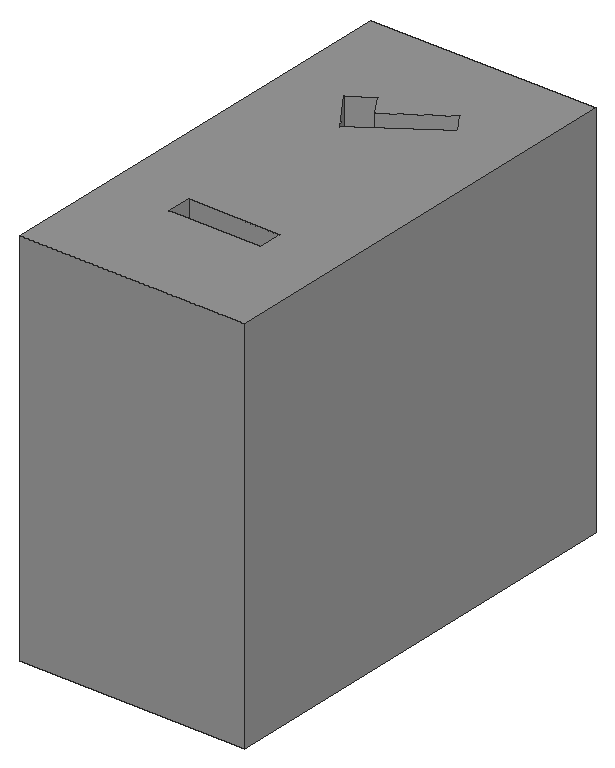
Revit family "Domotics-DomesticRanges-GEWISS-SYSTEM_POWER-SOCKET-OUTLET_SELV_POLARIZED", category Apparecchi elettrici, host Superficie, Revit 2016
Family settings
  Host = Superficie
  Mantenere orientamento annotazione = Sì
  Tipo di parte = Normale
  Quota connettore circolare = Usa diametro
  Taglio con vuoti quando caricato = Sì
  Condiviso = Sì
  Punto di calcolo locali = Sì
Parameters (values of type "GW21234 - USA-POLARIZED PHONE SOCKET OUTLET SY/BK")
  Volt = 230 V
  Vista in pianta [instance] = yes
  Version file RFA = "19.4"
  URL = "https://www.gewiss.com/ww/en"
  Tipo_ = SYSTEM PRESE SELV_GENERICO : GW21234 Presa 2P 6A 24V (SELV) polarizzata nero
  Technical sheet = "https://www.gewiss.com/ww/en/search?q=GW21234"
  Simbolo [instance] = yes
  SEO = "Socket outlet"
  Realized by GEWISS S.p.A. = ""
  Default Elevation = 1219.2 mm
  Produttore = "GEWISS S.p.A."
  Offset presa [instance] = 0 mm
  Offset bidimensionale [instance] = 39 mm
  No. SYSTEM modules = "1"
  N. poli = 1
  Modello = "GW21234"
  Immagine tipo = GW21234.jpg
  IFC.TypeObject = ""
  IFC.ExportType = ""
  IFC.ExportAs = ""
  IDT = "4b18969e-7d95-4a3a-aefc-ed383d35ebe9"
  IDF = "f2a6a854-6efa-437d-af86-69526c3383e4"
  For plug pins = "Flat"
  Electrocod = "0131                "
  EAN code = "8011564128774"
  Distanza_x [instance] = 0 mm
  Distanza_effettiva_y [instance] = 100 mm
  Distanza_effettiva_x [instance] = 1000 mm - Distanza_x  # 1000 mm
  Distanza orizzontale del simbolo [instance] = 114.847 mm
  Distanza dal muro [instance] = 4.208 mm
  Descrizione = "USA-POLARIZED PHONE SOCKET OUTLET SY/BK"
  Description: = "2P - 6A - 24V polarized"
  Colour = "Black"
  Centre distance = "12,4MM"
  Catalogue Range = "SYSTEM - DOMESTIC RANGE"
  Catalogue = "DOMOTICS"
  Carico apparente = 0 VA
  COBie.Tagnumber = ""
  COBie.CreatedOn = ""
  COBie.CreatebBy = ""
  COBie.ComponentRegisterItemID = ""
  COBie.Component.TagNumber = ""
  COBie.Component.Space = ""
  COBie.Component.SerialNumber = ""
  COBie.Component.InstallationDate = ""
  COBie.Component.Description = ""
  COBie.Component.BarCode = ""
Types (2, lengths in mm): name | Tipo_ | Technical sheet | Modello | Immagine tipo | IDT | EAN code | Descrizione | Colour
  GW20234 - USA-POLARIZED PHONE SOCKET OUTLET SY/WT | SYSTEM PRESE SELV_GENERICO : GW20234 Presa 2P 6A 24V (SELV) polarizzata bianco | "https://www.gewiss.com/ww/en/search?q=GW20234" | "GW20234" | GW20234.jpg | "16a453ac-8da7-4eb3-a7bc-6ec863ff1f30" | "8011564000766" | "USA-POLARIZED PHONE SOCKET OUTLET SY/WT" | "White"
  GW21234 - USA-POLARIZED PHONE SOCKET OUTLET SY/BK | SYSTEM PRESE SELV_GENERICO : GW21234 Presa 2P 6A 24V (SELV) polarizzata nero | "https://www.gewiss.com/ww/en/search?q=GW21234" | "GW21234" | GW21234.jpg | "4b18969e-7d95-4a3a-aefc-ed383d35ebe9" | "8011564128774" | "USA-POLARIZED PHONE SOCKET OUTLET SY/BK" | "Black"
Reference planes
  plane 1 "Centro (Fronte/Retro)": y = 0
  plane 2: z = 0
  plane 3 "Centro (Sinistra/Destra)": x = 0
  plane 4: x = -1000
  plane 5: x = 0
  plane 6: y = 100
  plane 7: z = 0
  plane 8 "Piano bidimensionale": z = 39
  plane 9: z = 39
Lines and regions (mm)
  Masking region 1, visible <- "Vista in pianta"
    outline origin (0, 0, 0) x (1, 0, 0) y (0, 1, 0)
      loop
        line (-11.5, 22.5) -> (-11.5, -22.5) -> (11.5, -22.5) -> (11.5, 22.5) -> (-11.5, 22.5)
      loop
        line (-4.71, -11.939) -> (4.71, -11.939) -> (4.71, -9.419) -> (-4.71, -9.419) -> (-4.71, -11.939)
      loop
        line (-5.476, 11.501) -> (-2.629, 7.338) -> (5.216, 12.706) -> (3.787, 14.795) -> (-1.847, 10.94) -> (-3.18, 12.887) -> (-5.476, 11.501)
  Masking region 2, visible <- "Vista in pianta"
    outline origin (0, 0, 0) x (1, 0, 0) y (0, 0, 1)
      loop
        line (11.5, 0) -> (11.5, 39) -> (-11.5, 39) -> (-11.5, 0) -> (11.5, 0)
  Masking region 3, visible <- "Vista in pianta"
    outline origin (0, 0, 0) x (0, 1, 0) y (0, 0, 1)
      loop
        line (22.5, 0) -> (22.5, 39) -> (-22.5, 39) -> (-22.5, 0) -> (22.5, 0)
  model lines, style "0", detail levels coarse
    curve 1: line (11.5, -22.5, 39) -> (11.5, 22.5, 39)
    curve 2: line (11.5, 22.5, 39) -> (-11.5, 22.5, 39)
    curve 3: line (-11.5, 22.5, 39) -> (-11.5, -22.5, 39)
    curve 4: line (-11.5, -22.5, 39) -> (11.5, -22.5, 39)
    curve 5: line (0, -11.939, 39) -> (4.71, -11.939, 39)
    curve 6: line (4.71, -11.939, 39) -> (4.71, -9.419, 39)
    curve 7: line (4.71, -9.419, 39) -> (0, -9.419, 39)
    curve 8: line (0, -9.419, 39) -> (-4.71, -9.419, 39)
    curve 9: line (-4.71, -9.419, 39) -> (-4.71, -11.939, 39)
    curve 10: line (-4.71, -11.939, 39) -> (0, -11.939, 39)
    curve 11: line (-5.476, 11.501, 39) -> (-2.629, 7.338, 39)
    curve 12: line (-2.629, 7.338, 39) -> (5.216, 12.706, 39)
    curve 13: line (5.216, 12.706, 39) -> (3.787, 14.795, 39)
    curve 14: line (3.787, 14.795, 39) -> (-1.847, 10.94, 39)
    curve 15: line (-1.847, 10.94, 39) -> (-3.18, 12.887, 39)
    curve 16: line (-3.18, 12.887, 39) -> (-5.476, 11.501, 39)
    curve 17: line (-2.852, 18.423, 39) -> (2.852, 18.423, 39)
    curve 18: line (-2.852, -17.393, 39) -> (2.852, -17.393, 39)
    curve 19: line (0, -20.245, 39) -> (0, -14.541, 39)
  model lines, style "0", not visible, detail levels coarse
    curve 20: line (69.503, -22.5, 39) -> (69.503, 22.5, 39)
    curve 21: line (69.503, 22.5, 39) -> (46.503, 22.5, 39)
    curve 22: line (46.503, 22.5, 39) -> (46.503, -22.5, 39)
    curve 23: line (46.503, -22.5, 39) -> (69.503, -22.5, 39)
    curve 24: line (58.003, -11.939, 39) -> (62.712, -11.939, 39)
    curve 25: line (62.712, -11.939, 39) -> (62.712, -9.419, 39)
    curve 26: line (62.712, -9.419, 39) -> (58.003, -9.419, 39)
    curve 27: line (58.003, -9.419, 39) -> (53.293, -9.419, 39)
    curve 28: line (53.293, -9.419, 39) -> (53.293, -11.939, 39)
    curve 29: line (53.293, -11.939, 39) -> (58.003, -11.939, 39)
    curve 30: line (52.526, 11.501, 39) -> (55.374, 7.338, 39)
    curve 31: line (55.374, 7.338, 39) -> (63.219, 12.706, 39)
    curve 32: line (63.219, 12.706, 39) -> (61.79, 14.795, 39)
    curve 33: line (61.79, 14.795, 39) -> (56.155, 10.94, 39)
    curve 34: line (56.155, 10.94, 39) -> (54.823, 12.887, 39)
    curve 35: line (54.823, 12.887, 39) -> (52.526, 11.501, 39)
    curve 36: line (55.151, 18.423, 39) -> (60.854, 18.423, 39)
    curve 37: line (55.151, -17.393, 39) -> (60.854, -17.393, 39)
    curve 38: line (58.003, -20.245, 39) -> (58.003, -14.541, 39)
Dimensions and locks
  plane 4 to plane 3 "Centro (Sinistra/Destra)" = 1000 mm
  "Distanza_effettiva_x": plane 4 to plane 5
  "Distanza_effettiva_y": plane 6 to plane 1 "Centro (Fronte/Retro)"
  "Offset presa": plane 7 to host face
  "Offset bidimensionale": plane 8 "Piano bidimensionale" to host face
  locked: plane 9 to plane 7 at 39
  aligned and locked: plane 2 to host face
  aligned and locked: level to host face
  aligned and locked: nested 1 to plane 5
  aligned and locked: nested 1 to plane 6
  aligned and locked: plane 3 "Centro (Sinistra/Destra)" to nested 2
  aligned and locked: plane 1 "Centro (Fronte/Retro)" to nested 2
  aligned and locked: nested 2 to plane 7
  aligned and locked: nested 2 to plane 9  (x2)
  aligned and locked: plane 7 to nested 2  (x2)
  aligned and locked: Masking region 2 sketch curve to nested 2  (x2)
  aligned and locked: Masking region 2 to plane 7
  aligned and locked: Masking region 3 sketch curve to nested 2  (x2)
  aligned and locked: Masking region 3 to plane 7
  aligned and locked: Masking region 3 to plane 9
Automatic sketch dimensions
  host sketch curve to host sketch curve = 2438.4 mm  (x2)
  Masking region 1 sketch curve to plane 3 "Centro (Sinistra/Destra)" = 11.5 mm
  Masking region 1 sketch curve to plane 1 "Centro (Fronte/Retro)" = 22.5 mm
  plane 3 "Centro (Sinistra/Destra)" to Masking region 1 sketch curve = 11.5 mm
  plane 1 "Centro (Fronte/Retro)" to Masking region 1 sketch curve = 22.5 mm
  Masking region 1 sketch curve to plane 3 "Centro (Sinistra/Destra)" = 4.71 mm
  plane 1 "Centro (Fronte/Retro)" to Masking region 1 sketch curve = 11.939 mm
  plane 3 "Centro (Sinistra/Destra)" to Masking region 1 sketch curve = 4.71 mm
  Masking region 1 sketch curve to Masking region 1 sketch curve = 2.519 mm
  Masking region 1 sketch curve to plane 3 "Centro (Sinistra/Destra)" = 2.629 mm
  Masking region 1 sketch curve to plane 1 "Centro (Fronte/Retro)" = 7.338 mm
  Masking region 1 sketch curve to Masking region 1 sketch curve = 2.848 mm
  plane 3 "Centro (Sinistra/Destra)" to Masking region 1 sketch curve = 5.216 mm
  Masking region 1 sketch curve to Masking region 1 sketch curve = 4.162 mm
  Masking region 1 sketch curve to Masking region 1 sketch curve = 1.429 mm
  Masking region 1 sketch curve to plane 3 "Centro (Sinistra/Destra)" = 1.847 mm
  Masking region 1 sketch curve to Masking region 1 sketch curve = 1.333 mm
  Masking region 2 sketch curve to plane 7 = 0 mm
  Masking region 2 sketch curve to plane 9 = 0 mm
  Masking region 3 sketch curve to plane 7 = 0 mm
  plane 9 to Masking region 3 sketch curve = 0 mm
Nested families
  nested 1: "SIMBOLO" at (0, 100, 0), visible <- "Simbolo", SIMBOLO <- "Simbolo", type "SUONERIA"
    with SIMBOLO yes, Distanza dal muro 4.208 mm, BORDO ACCESO yes
  nested 2: "SYSTEM PRESE SELV_GENERICO" at (0, 0, 0), type <- "Tipo_", type "GW21234 Presa 2P 6A 24V (SELV) polarizzata nero", detail levels medium+fine
Connectors
  electrical at (0, 0, 0), driven by "N. poli", driven by "Volt", driven by "Carico apparente"
    settings: on nested 2, index 1, voltage 230 V, apparent load 0 VA, apparent load phase1 0 VA, apparent load phase2 0 VA, apparent load phase3 0 VA, power factor 1, load classification "Altro", number of poles 1, system type 31, power factor state 1, is connector primary yes, connector utility no, sub classification motor no, connector description ""
Definition of nested family "SYSTEM PRESE SELV_GENERICO"
  Parameters (values of type "GW21234 Presa 2P 6A 24V (SELV) polarizzata nero")
    Profondità presa = 39 mm
    L = 23 mm
    H = 45 mm
    Finitura = none
    Altezza da Terra = 750 mm
  Types (2): name
    GW20234 Presa 2P 6A 24V (SELV) polarizzata bianco
    GW21234 Presa 2P 6A 24V (SELV) polarizzata nero
  Reference planes
    plane 1 "Centro (Fronte/Retro)": y = 0
    plane 2: z = 0
    plane 3 "Centro (Sinistra/Destra)": x = 0
    plane 4: x = -11.5
    plane 5: x = 11.5
    plane 6 "A": z = 39
    plane 7: y = 22.5
    plane 8: y = -22.5
    plane 9: z = 29
  Forms (mm)
    Extrusion 1, solid, material <- "Finitura"
      sketch origin (0, 0, 0) x (1, 0, 0) y (0, 1, 0)
        loop
          line (-11.5, 22.5) -> (-11.5, -22.5) -> (11.5, -22.5) -> (11.5, 22.5) -> (-11.5, 22.5)
      from 0 to 39
    Extrusion 2, void
      sketch origin (0, 0, 0) x (1, 0, 0) y (0, 1, 0)
        loop
          line (-5.476, 11.501) -> (-2.629, 7.338) -> (5.216, 12.706) -> (3.787, 14.795) -> (-1.847, 10.94) -> (-3.18, 12.887) -> (-5.476, 11.501)
        loop
          line (4.71, -9.419) -> (-4.71, -9.419) -> (-4.71, -11.939) -> (4.71, -11.939) -> (4.71, -9.419)
      from 29 to 39
  Cuts and joins
    Extrusion 2 cuts Extrusion 1
  Lines and regions (mm)
    model lines
      curve 1: line (-2.852, 18.423, 39) -> (2.852, 18.423, 39)
      curve 2: line (-2.852, -17.393, 39) -> (2.852, -17.393, 39)
      curve 3: line (0, -20.245, 39) -> (0, -14.541, 39)
  Dimensions and locks
    "Profondità presa": plane 6 "A" to level
    equal spacing: plane 4, plane 3 "Centro (Sinistra/Destra)", plane 5
    "L": plane 4 to plane 5
    equal spacing: plane 7, plane 1 "Centro (Fronte/Retro)", plane 8
    "H": plane 7 to plane 8
    plane 6 "A" to plane 9 = 10 mm
    aligned and locked: level to plane 2
    aligned and locked: Extrusion 1 sketch curve to plane 4
    aligned and locked: Extrusion 1 sketch curve to plane 7
    aligned and locked: Extrusion 1 sketch curve to plane 5
    aligned and locked: Extrusion 1 sketch curve to plane 8
    aligned and locked: Extrusion 1 to level
    aligned and locked: plane 6 "A" to Extrusion 1
    aligned and locked: Extrusion 2 to plane 9
    aligned and locked: plane 6 "A" to Extrusion 2
  Automatic sketch dimensions
    Extrusion 2 sketch curve to plane 7 = 10.999 mm
    Extrusion 2 sketch curve to Extrusion 2 sketch curve = 2.297 mm
    Extrusion 2 sketch curve to plane 3 "Centro (Sinistra/Destra)" = 2.629 mm
    Extrusion 2 sketch curve to Extrusion 2 sketch curve = 1.387 mm
    Extrusion 2 sketch curve to plane 3 "Centro (Sinistra/Destra)" = 1.847 mm
    Extrusion 2 sketch curve to Extrusion 2 sketch curve = 1.948 mm
    plane 3 "Centro (Sinistra/Destra)" to Extrusion 2 sketch curve = 3.787 mm
    Extrusion 2 sketch curve to Extrusion 2 sketch curve = 1.429 mm
    Extrusion 2 sketch curve to plane 3 "Centro (Sinistra/Destra)" = 4.71 mm
    plane 1 "Centro (Fronte/Retro)" to Extrusion 2 sketch curve = 9.419 mm
    Extrusion 2 sketch curve to Extrusion 2 sketch curve = 2.519 mm
    plane 3 "Centro (Sinistra/Destra)" to Extrusion 2 sketch curve = 4.71 mm
    curve 1 to plane 7 = 4.077 mm
    plane 8 to curve 2 = 5.107 mm
    curve 2 to plane 5 = 14.352 mm
    curve 3 to curve 2 = 2.852 mm  (x2)
    plane 8 to curve 3 = 2.255 mm
    curve 1 to plane 5 = 14.352 mm
    curve 2 to curve 3 = 2.852 mm
    curve 1 to curve 1 = 5.704 mm
Definition of nested family "SIMBOLO"
  Parameters (values of type "SUONERIA")
    Simbolo = SIMBOLO SEGNAL ACUSTICA_BASE : SUONERIA
    SIMBOLO [instance] = yes
    Distanza dal muro [instance] = 4.208 mm
    BORDO ACCESO [instance] = yes
  Types (2, lengths in mm): name | Simbolo
    SUONERIA | SIMBOLO SEGNAL ACUSTICA_BASE : SUONERIA
    RONZATORE | SIMBOLO SEGNAL ACUSTICA_BASE : RONZATORE
  Reference planes
    plane 1: y = 0
    plane 2: x = 0
  Dimensions and locks
    aligned and locked: plane 2 to nested 1
    aligned and locked: plane 1 to nested 1
  Nested families
    nested 1: "SIMBOLO SEGNAL ACUSTICA_BASE" at (0, 0, 0), BORDO ACCESO <- "BORDO ACCESO", type <- "Simbolo", visible <- "SIMBOLO", type "SUONERIA"
      with BORDO ACCESO yes
  Definition of nested family "SIMBOLO SEGNAL ACUSTICA_BASE"
    Parameters (values of type "SUONERIA E")
      SUONERIA E = yes
      SUONERIA = no
      RONZATORE = no
      Distanza dal muro = 4.208 mm
      BORDO ACCESO [instance] = yes
    Types (4, lengths in mm): name | SUONERIA E | SUONERIA | RONZATORE
      COMM | yes | yes | yes
      SUONERIA | no | yes | no
      SUONERIA E | yes | no | no
      RONZATORE | no | no | yes
    Reference planes
      plane 1: y = 0
      plane 2: x = 0
    Lines and regions (mm)
      detail lines, visible <- "BORDO ACCESO", not visible
        curve 1: line (-1.743, 9.208, 0) -> (2.057, 9.208, 0)
        curve 2: line (2.057, 9.208, 0) -> (2.057, 4.208, 0)
        curve 3: line (2.057, 4.208, 0) -> (-1.743, 4.208, 0)
        curve 4: line (-1.743, 4.208, 0) -> (-1.743, 9.208, 0)
        curve 5: line (-1.543, 9.008, 0) -> (1.857, 9.008, 0)
        curve 6: line (1.857, 9.008, 0) -> (1.857, 4.408, 0)
        curve 7: line (1.857, 4.408, 0) -> (-1.543, 4.408, 0)
        curve 8: line (-1.543, 4.408, 0) -> (-1.543, 9.008, 0)
      detail lines, visible <- "SUONERIA E", not visible
        curve 9: line (-0.396, -1.509, 0) -> (-0.094, -0.868, 0)
      detail lines, not visible
        curve 10: circle (-0.493, -1.534, 0) r 0.1 normal (0, 0, 1)
